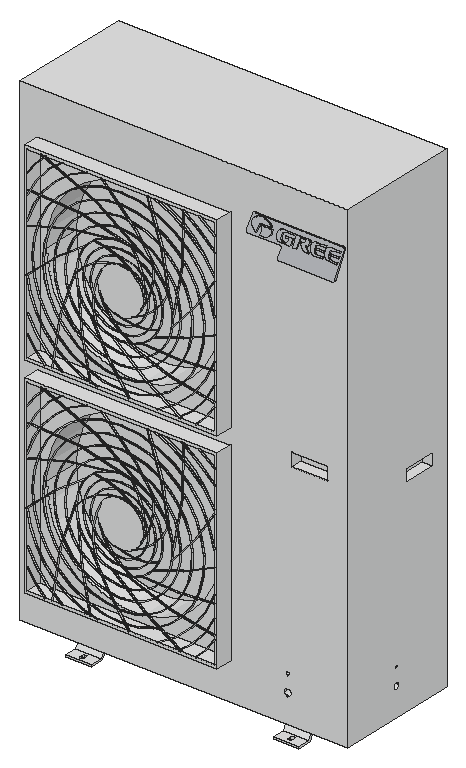
Revit family "GMV-160WLC-T", category 常规模型, Revit 2014 (continued)
Definition of nested family "GMV  logo"
  Forms (mm)
    Extrusion 1, solid, material <- "商标底材质"
      sketch origin (0, 0, 0) x (1, 0, 0) y (0, 0, 1)
        loop
          line (129.575, 48.438) -> (-108.805, 48.438)
          arc (-108.805, 48.438) -> (-113.609, 46.985) -> (-116.804, 43.113) r 8.671
          line (-116.804, 43.113) -> (-134.937, -2.082)
          arc (-134.937, -2.082) -> (-133.804, -6.497) -> (-129.679, -8.438) r 5.353
          line (-129.679, -8.438) -> (-43.203, -8.438)
          arc (-43.203, -8.438) -> (-39.533, -10.226) -> (-38.681, -14.218) r 4.659
          line (-38.681, -14.218) -> (-47.952, -42.75)
          arc (-47.952, -42.75) -> (-46.907, -46.705) -> (-43.203, -48.438) r 4.826
          line (-43.203, -48.438) -> (100.065, -48.438)
          arc (100.065, -48.438) -> (105.388, -46.755) -> (108.778, -42.32) r 9.265
          line (108.778, -42.32) -> (134.396, 41.471)
          arc (134.396, 41.471) -> (133.811, 46.217) -> (129.575, 48.438) r 5.152
      from 0 to 2
    Extrusion 2, solid, material <- "材质1"
      sketch origin (0, 0, 0) x (1, 0, 0) y (0, 0, 1)
        loop
          line (-94.605, 27.401) -> (-64.13, 27.401)
          spline (-64.13, 27.401) -> (-67.845, 34.06) -> (-73.952, 39.323) -> (-81.827, 42.653) -> (-90.668, 43.711) -> (-99.573, 42.388) -> (-107.632, 38.819) -> (-114.023, 33.369) -> (-118.095, 26.593) -> (-119.432, 19.183) -> (-117.897, 11.896) -> (-113.647, 5.473) -> (-107.116, 0.572)
          line (-107.116, 0.572) -> (-94.605, 27.401)
        loop
          line (-63.337, 22.968) -> (-95.422, 22.968) -> (-95.422, 22.01)
          spline (-95.422, 22.01) -> (-93.271, 21.464) -> (-91.771, 20.539) -> (-90.824, 19.323) -> (-90.328, 17.906) -> (-90.186, 16.375) -> (-90.299, 14.819) -> (-90.567, 13.326) -> (-90.925, 11.945) -> (-91.356, 10.666) -> (-91.845, 9.478) -> (-92.379, 8.367) -> (-92.943, 7.32)
          line (-92.943, 7.32) -> (-97.677, -2.833)
          spline (-97.677, -2.833) -> (-92.232, -3.321) -> (-87.163, -3.099) -> (-82.5, -2.235) -> (-78.269, -0.799) -> (-74.498, 1.139) -> (-71.216, 3.512) -> (-68.45, 6.248) -> (-66.227, 9.279) -> (-64.577, 12.536) -> (-63.527, 15.95) -> (-63.104, 19.45) -> (-63.337, 22.968)
      from 2 to 3
    Extrusion 3, solid, material <- "材质1"
      sketch origin (0, 0, 0) x (1, 0, 0) y (0, 0, 1)
        loop
          line (-1.134, 34.205) -> (-28.647, 34.205)
          spline (-28.647, 34.205) -> (-35.956, 32.82) -> (-40.306, 30.44) -> (-43.005, 27.974) -> (-45.102, 25.294) -> (-47.166, 22.201) -> (-48.931, 18.575) -> (-50.097, 14.479) -> (-50.531, 10.459) -> (-50.182, 7.005) -> (-49.197, 4.064) -> (-47.101, 1.349) -> (-41.522, -1.171)
          line (-41.522, -1.171) -> (-17.744, -1.171)
          arc (-17.744, -1.171) -> (-12.121, 1.913) -> (-9.271, 7.658) r 10.697
          line (-9.271, 7.658) -> (-5.353, 19.719) -> (-25.054, 19.719) -> (-26.783, 15.214) -> (-17.644, 15.214) -> (-21.229, 5.364)
          arc (-21.229, 5.364) -> (-22.652, 3.705) -> (-24.815, 3.394) r 3.105
          line (-24.815, 3.394) -> (-33.24, 3.394)
          spline (-33.24, 3.394) -> (-37.409, 6.058) -> (-38.559, 9.812) -> (-38.338, 12.517) -> (-37.878, 14.395) -> (-37.254, 16.439) -> (-36.432, 18.629) -> (-35.601, 20.77) -> (-34.381, 22.981) -> (-32.945, 24.989) -> (-31.244, 26.576) -> (-29.147, 27.98) -> (-24.742, 29.547)
          line (-24.742, 29.547) -> (-2.939, 29.547) -> (-1.134, 34.205)
      from 2 to 3
    Extrusion 4, solid, material <- "材质1"
      sketch origin (0, 0, 0) x (1, 0, 0) y (0, 0, 1)
        loop
          line (-6.784, -1.403) -> (4.111, -1.403) -> (14.959, 30.104) -> (28.213, 30.104)
          spline (28.213, 30.104) -> (29.861, 29.082) -> (30.521, 27.745) -> (30.534, 26.338) -> (30.235, 25.095) -> (29.809, 24.1) -> (29.296, 23.293) -> (28.733, 22.61) -> (28.126, 22.002) -> (27.409, 21.466) -> (26.496, 20.999) -> (25.082, 20.566) -> (22.67, 20.104)
          line (22.67, 20.104) -> (13.847, 20.104) -> (22.322, 1.931)
          arc (22.322, 1.931) -> (23.903, 0.105) -> (25.79, -1.403) r 13.232
          line (25.79, -1.403) -> (36.555, -1.403) -> (29.53, 15.147)
          spline (29.53, 15.147) -> (34.874, 16.713) -> (37.822, 18.724) -> (39.448, 20.459) -> (40.457, 21.836) -> (41.207, 23.364) -> (41.821, 25.284) -> (42.022, 27.309) -> (41.718, 29.185) -> (41.105, 30.782) -> (40.017, 32.158) -> (37.803, 33.456) -> (32.952, 34.209)
          line (32.952, 34.209) -> (4.787, 34.209) -> (-6.784, -1.403)
      from 2 to 3
    Extrusion 5, solid, material <- "材质1"
      sketch origin (0, 0, 0) x (1, 0, 0) y (0, 0, 1)
        loop
          line (84.169, 30.084) -> (85.871, 34.298) -> (60.635, 34.298)
          spline (60.635, 34.298) -> (53.669, 32.426) -> (50.504, 30.448) -> (48.398, 28.331) -> (46.377, 25.461) -> (44.78, 21.984) -> (43.709, 18.22) -> (43.029, 14.53) -> (42.821, 11.011) -> (43.254, 7.638) -> (44.281, 4.525) -> (46.265, 1.69) -> (52.082, -1.335)
          line (52.082, -1.335) -> (74.622, -1.335) -> (76.189, 3.213) -> (59.943, 3.213)
          spline (59.943, 3.213) -> (58.084, 3.799) -> (56.974, 4.353) -> (56.187, 4.989) -> (55.472, 5.76) -> (54.862, 6.616) -> (54.414, 7.498) -> (54.135, 8.396) -> (53.968, 9.36) -> (53.856, 10.439) -> (53.78, 11.715) -> (53.852, 13.358) -> (54.208, 15.558)
          line (54.208, 15.558) -> (77.805, 15.558) -> (79.667, 19.552) -> (55.567, 19.552)
          spline (55.567, 19.552) -> (55.547, 20.15) -> (55.836, 21.365) -> (56.209, 22.49) -> (56.616, 23.458) -> (57.039, 24.325) -> (57.489, 25.145) -> (58.041, 25.957) -> (58.781, 26.8) -> (59.794, 27.711) -> (61.119, 28.641) -> (62.761, 29.473) -> (64.722, 30.084)
          line (64.722, 30.084) -> (84.169, 30.084)
      from 2 to 3
    Extrusion 6, solid, material <- "材质1"
      sketch origin (39.375, 0, 0) x (1, 0, 0) y (0, 0, 1)
        loop
          line (84.526, 30.084) -> (85.655, 34.298) -> (60.635, 34.298)
          spline (60.635, 34.298) -> (53.669, 32.426) -> (50.504, 30.448) -> (48.398, 28.331) -> (46.377, 25.461) -> (44.78, 21.984) -> (43.709, 18.22) -> (43.029, 14.53) -> (42.821, 11.011) -> (43.254, 7.638) -> (44.281, 4.525) -> (46.265, 1.69) -> (52.082, -1.335)
          line (52.082, -1.335) -> (74.622, -1.335) -> (76.189, 3.213) -> (59.943, 3.213)
          spline (59.943, 3.213) -> (58.084, 3.799) -> (56.974, 4.353) -> (56.187, 4.989) -> (55.472, 5.76) -> (54.862, 6.616) -> (54.414, 7.498) -> (54.135, 8.396) -> (53.968, 9.36) -> (53.856, 10.439) -> (53.78, 11.715) -> (53.852, 13.358) -> (54.208, 15.558)
          line (54.208, 15.558) -> (79.857, 15.558) -> (81.232, 19.552) -> (55.567, 19.552)
          spline (55.567, 19.552) -> (55.547, 20.15) -> (55.836, 21.365) -> (56.209, 22.49) -> (56.616, 23.458) -> (57.039, 24.325) -> (57.489, 25.145) -> (58.041, 25.957) -> (58.781, 26.8) -> (59.794, 27.711) -> (61.119, 28.641) -> (62.761, 29.473) -> (64.722, 30.084)
          line (64.722, 30.084) -> (84.526, 30.084)
      from 2 to 3
  Dimensions and locks
    equal spacing: plane 4, level, plane 5
    "高": plane 4 to plane 5
    equal spacing: plane 7, plane 3 "中心(左/右)", plane 6
    "长": plane 7 to plane 6
    equal spacing: plane 8, level, plane 9
    plane 8 to plane 9 = 96.875 mm
    aligned and locked: level to plane 2
  Automatic sketch dimensions
    level to Extrusion 2 sketch curve = 0.572 mm
    plane 6 to Extrusion 2 sketch curve = 27.822 mm
    Extrusion 2 sketch curve to level = 2.833 mm
    Extrusion 2 sketch curve to Extrusion 2 sketch curve = 9.438 mm
    Extrusion 2 sketch curve to Extrusion 2 sketch curve = 11.694 mm
    plane 8 to Extrusion 2 sketch curve = 21.037 mm
    Extrusion 2 sketch curve to Extrusion 2 sketch curve = 0.816 mm
    level to Extrusion 2 sketch curve = 7.32 mm
    Extrusion 2 sketch curve to Extrusion 2 sketch curve = 4.734 mm
    Extrusion 2 sketch curve to Extrusion 2 sketch curve = 30.475 mm
    level to Extrusion 2 sketch curve = 22.968 mm
    Extrusion 2 sketch curve to Extrusion 2 sketch curve = 0.793 mm
    Extrusion 2 sketch curve to Extrusion 2 sketch curve = 0.957 mm
    Extrusion 2 sketch curve to Extrusion 2 sketch curve = 4.133 mm
    Extrusion 2 sketch curve to Extrusion 2 sketch curve = 0.088 mm
    Extrusion 3 sketch curve to level = 1.171 mm
    Extrusion 3 sketch curve to plane 3 "中心(左/右)" = 41.522 mm
    level to Extrusion 3 sketch curve = 3.394 mm
    Extrusion 3 sketch curve to Extrusion 3 sketch curve = 8.283 mm
    plane 8 to Extrusion 3 sketch curve = 14.233 mm
    Extrusion 3 sketch curve to plane 3 "中心(左/右)" = 28.647 mm
    Extrusion 3 sketch curve to Extrusion 3 sketch curve = 6.457 mm
    Extrusion 3 sketch curve to Extrusion 3 sketch curve = 1.729 mm
    Extrusion 3 sketch curve to Extrusion 3 sketch curve = 8.424 mm
    Extrusion 3 sketch curve to Extrusion 3 sketch curve = 3.905 mm
    Extrusion 3 sketch curve to Extrusion 3 sketch curve = 0.669 mm
    level to Extrusion 3 sketch curve = 5.364 mm
    Extrusion 3 sketch curve to Extrusion 3 sketch curve = 2.918 mm
    Extrusion 3 sketch curve to Extrusion 3 sketch curve = 1.39 mm
    Extrusion 3 sketch curve to Extrusion 3 sketch curve = 3.485 mm
    Extrusion 3 sketch curve to Extrusion 3 sketch curve = 2.195 mm
    level to Extrusion 3 sketch curve = 7.658 mm
    Extrusion 3 sketch curve to plane 3 "中心(左/右)" = 9.271 mm
    Extrusion 3 sketch curve to plane 3 "中心(左/右)" = 5.353 mm
    Extrusion 3 sketch curve to plane 3 "中心(左/右)" = 2.939 mm
    Extrusion 3 sketch curve to plane 3 "中心(左/右)" = 1.134 mm
    Extrusion 3 sketch curve to Extrusion 3 sketch curve = 5.894 mm
    Extrusion 3 sketch curve to Extrusion 3 sketch curve = 4.505 mm
    Extrusion 3 sketch curve to Extrusion 3 sketch curve = 4.658 mm
    Extrusion 4 sketch curve to level = 1.403 mm  (x2)
    Extrusion 4 sketch curve to plane 3 "中心(左/右)" = 6.784 mm
    plane 3 "中心(左/右)" to Extrusion 4 sketch curve = 4.111 mm
    plane 3 "中心(左/右)" to Extrusion 4 sketch curve = 4.787 mm
    plane 3 "中心(左/右)" to Extrusion 4 sketch curve = 13.847 mm
    Extrusion 4 sketch curve to Extrusion 4 sketch curve = 1.112 mm
    level to Extrusion 4 sketch curve = 1.931 mm
    Extrusion 4 sketch curve to Extrusion 4 sketch curve = 18.211 mm
    Extrusion 4 sketch curve to Extrusion 4 sketch curve = 8.823 mm
    Extrusion 4 sketch curve to Extrusion 4 sketch curve = 3.468 mm
    Extrusion 4 sketch curve to Extrusion 4 sketch curve = 5.543 mm
    Extrusion 4 sketch curve to Extrusion 4 sketch curve = 6.86 mm
    Extrusion 4 sketch curve to Extrusion 4 sketch curve = 4.739 mm
    Extrusion 4 sketch curve to Extrusion 4 sketch curve = 3.543 mm
    Extrusion 4 sketch curve to Extrusion 4 sketch curve = 10.766 mm
    Extrusion 4 sketch curve to Extrusion 4 sketch curve = 5.503 mm
    Extrusion 4 sketch curve to Extrusion 4 sketch curve = 4.957 mm
    Extrusion 4 sketch curve to Extrusion 4 sketch curve = 10.00 mm
    Extrusion 4 sketch curve to Extrusion 4 sketch curve = 4.105 mm
    Extrusion 5 sketch curve to level = 1.335 mm
    plane 3 "中心(左/右)" to Extrusion 5 sketch curve = 52.082 mm
    level to Extrusion 5 sketch curve = 15.558 mm
    Extrusion 5 sketch curve to Extrusion 5 sketch curve = 2.126 mm
    Extrusion 5 sketch curve to Extrusion 5 sketch curve = 1.359 mm
    level to Extrusion 5 sketch curve = 3.213 mm
    Extrusion 5 sketch curve to Extrusion 5 sketch curve = 7.861 mm
    Extrusion 5 sketch curve to Extrusion 5 sketch curve = 5.068 mm
    Extrusion 5 sketch curve to Extrusion 5 sketch curve = 4.087 mm
    Extrusion 5 sketch curve to Extrusion 5 sketch curve = 14.68 mm
    Extrusion 5 sketch curve to Extrusion 5 sketch curve = 1.566 mm
    Extrusion 5 sketch curve to Extrusion 5 sketch curve = 1.617 mm
    Extrusion 5 sketch curve to Extrusion 5 sketch curve = 1.862 mm
    plane 8 to Extrusion 5 sketch curve = 18.354 mm
    Extrusion 5 sketch curve to Extrusion 5 sketch curve = 4.502 mm
    plane 8 to Extrusion 5 sketch curve = 14.14 mm
    Extrusion 5 sketch curve to Extrusion 5 sketch curve = 1.703 mm
    Extrusion 5 sketch curve to Extrusion 5 sketch curve = 3.994 mm
    Extrusion 6 sketch curve to level = 1.335 mm
    Extrusion 6 sketch curve to plane 7 = 43.481 mm
    level to Extrusion 6 sketch curve = 15.558 mm
    Extrusion 6 sketch curve to Extrusion 6 sketch curve = 2.126 mm
    Extrusion 6 sketch curve to Extrusion 6 sketch curve = 1.359 mm
    level to Extrusion 6 sketch curve = 3.213 mm
    Extrusion 6 sketch curve to Extrusion 6 sketch curve = 7.861 mm
    Extrusion 6 sketch curve to Extrusion 6 sketch curve = 5.068 mm
    Extrusion 6 sketch curve to Extrusion 6 sketch curve = 4.087 mm
    Extrusion 6 sketch curve to Extrusion 6 sketch curve = 14.68 mm
    Extrusion 6 sketch curve to Extrusion 6 sketch curve = 1.566 mm
    Extrusion 6 sketch curve to plane 7 = 14.33 mm
    Extrusion 6 sketch curve to Extrusion 6 sketch curve = 3.294 mm
    Extrusion 6 sketch curve to Extrusion 6 sketch curve = 1.129 mm
    Extrusion 6 sketch curve to Extrusion 6 sketch curve = 3.994 mm
    Extrusion 6 sketch curve to Extrusion 6 sketch curve = 10.532 mm
    Extrusion 6 sketch curve to Extrusion 6 sketch curve = 4.214 mm
    Extrusion 6 sketch curve to Extrusion 6 sketch curve = 1.375 mm
    Extrusion 1 sketch curve to plane 6 = 0.00 mm
    Extrusion 1 sketch curve to plane 8 = 0.00 mm
    Extrusion 1 sketch curve to plane 9 = 0.00 mm
    plane 6 to Extrusion 1 sketch curve = 5.258 mm
    plane 8 to Extrusion 1 sketch curve = 5.324 mm
    plane 6 to Extrusion 1 sketch curve = 18.134 mm
    Extrusion 1 sketch curve to Extrusion 1 sketch curve = 7.999 mm
    Extrusion 1 sketch curve to level = 8.438 mm
    Extrusion 1 sketch curve to plane 3 "中心(左/右)" = 43.203 mm
    plane 9 to Extrusion 1 sketch curve = 4.826 mm
    Extrusion 1 sketch curve to Extrusion 1 sketch curve = 0.00 mm
    Extrusion 1 sketch curve to level = 14.218 mm
    Extrusion 1 sketch curve to Extrusion 1 sketch curve = 4.522 mm
    Extrusion 1 sketch curve to plane 7 = 34.873 mm
    plane 9 to Extrusion 1 sketch curve = 6.117 mm
    Extrusion 1 sketch curve to Extrusion 1 sketch curve = 8.714 mm
    Extrusion 1 sketch curve to plane 7 = 5.363 mm
    Extrusion 1 sketch curve to plane 7 = 0.542 mm
    Extrusion 1 sketch curve to level = 3.084 mm
    plane 8 to Extrusion 1 sketch curve = 6.967 mm
    Extrusion 1 sketch curve to Extrusion 1 sketch curve = 4.749 mm
Types (6, lengths in mm): name | heating capacity(kW) | cooling capacity(kW)
  GMV-160WL/C-T | "18" | "16.0"
  GMV-120WL/C-T | "14" | "12.1"
  GMV-140WL/C-T | "16.5" | "14"
  GMV-120WL/C-X | "14" | "12.4"
  GMV-140WL/C-X | "16.5" | "14"
  GMV-160WL/C-X | "18" | "16"
